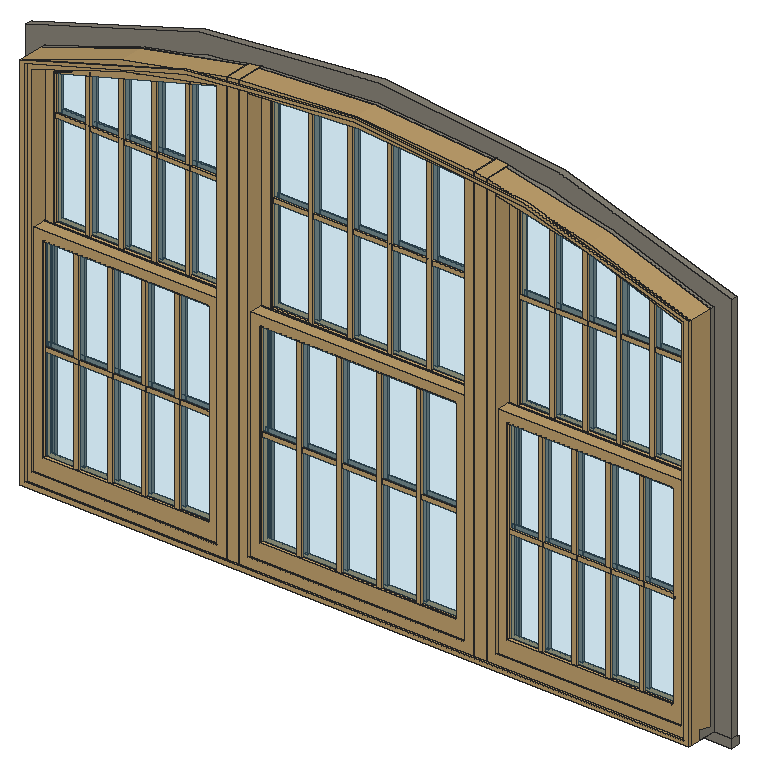
Revit family (continued)
Dimensions and locks (in)
  aligned and locked: plane 12 to Extrusion 36 sketch curve
  aligned and locked: Extrusion 20 sketch curve to cut or joined group of Sweep 14, Sweep 33  (x4)
  aligned and locked: Extrusion 20 sketch curve to cut or joined group of Sweep 15, Sweep 34  (x4)
  aligned and locked: Extrusion 20 sketch curve to cut or joined group of Sweep 16, Sweep 35  (x4)
  aligned and locked: nested 11 to plane 7 "Top"
  aligned and locked: nested 11 to plane 8 "Inset"
  aligned and locked: curve 14 to nested 11
  aligned and locked: curve 27 to nested 11
  aligned and locked: nested 11 to curve 126
  aligned and locked: curve 18 to nested 11
  aligned and locked: curve 26 to nested 11
  aligned and locked: curve 127 to nested 11
  aligned and locked: curve 19 to Extrusion 7
  aligned and locked: curve 140 to nested 11
  aligned and locked: curve 141 to nested 11
  aligned and locked: curve 142 to nested 11
  aligned and locked: curve 143 to nested 11
  aligned and locked: curve 144 to nested 11
  aligned and locked: curve 145 to nested 11
  aligned and locked: cut or joined group of Sweep 16, Sweep 35 to curve 146
  aligned and locked: curve 147 to nested 11
  aligned and locked: curve 148 to nested 11
  aligned and locked: curve 149 to nested 11
  aligned and locked: curve 150 to nested 11
  aligned and locked: curve 16 to nested 11
  aligned and locked: curve 10 to cut or joined group of Sweep 21, Sweep 27
  aligned and locked: curve 24 to nested 1
  aligned and locked: curve 93 to cut or joined group of Sweep 21, Sweep 27
  aligned and locked: curve 91 to nested 1
  aligned and locked: curve 96 to nested 1
  aligned and locked: curve 113 to cut or joined group of Sweep 23, Sweep 28
  aligned and locked: curve 116 to nested 10
  aligned and locked: curve 114 to nested 10
  aligned and locked: curve 117 to cut or joined group of Sweep 23, Sweep 28
  aligned and locked: curve 99 to cut or joined group of Sweep 22, Sweep 29
  aligned and locked: curve 97 to nested 3
  aligned and locked: curve 102 to nested 3
  aligned and locked: curve 4 to cut or joined group of Sweep 22, Sweep 29
  aligned and locked: Extrusion 37 sketch curve to Extrusion 20  (x12)
  aligned and locked: Extrusion 38 sketch curve to cut or joined group of Sweep 17, Sweep 26, Sweep 32  (x4)
  aligned and locked: Extrusion 38 sketch curve to cut or joined group of Sweep 18, Sweep 24, Sweep 30  (x4)
  aligned and locked: Extrusion 38 sketch curve to cut or joined group of Sweep 19, Sweep 25, Sweep 31  (x4)
  aligned and locked: Extrusion 39 sketch curve to Extrusion 38  (x12)
  aligned and locked: plane 27 "Glazing 4" to nested 12
  aligned and locked: nested 12 to plane 29
  aligned and locked: plane 17 to nested 12
  aligned and locked: plane 26 "Glazing 3" to nested 13
  aligned and locked: plane 29 to nested 13
  aligned and locked: nested 13 to plane 17
  aligned and locked: nested 14 to plane 29
  aligned and locked: nested 14 to plane 16
  aligned and locked: nested 14 to plane 26 "Glazing 3"
  aligned and locked: plane 29 to nested 15
  aligned and locked: plane 16 to nested 15
  aligned and locked: nested 15 to plane 27 "Glazing 4"
  aligned and locked: plane 3 "Center (Left/Right)" to nested 16
  aligned and locked: nested 16 to plane 29
  aligned and locked: plane 26 "Glazing 3" to nested 17
  aligned and locked: nested 17 to plane 3 "Center (Left/Right)"
  aligned and locked: plane 29 to nested 17
  aligned and locked: curve 13 to nested 11
  aligned and locked: curve 121 to curve 111
  aligned and locked: plane 30 to curve 89
  aligned and locked: plane 30 to curve 88
  aligned and locked: plane 27 "Glazing 4" to nested 16
Automatic sketch dimensions
  plane 7 "Top" to curve 15 = 0' - 0"
  curve 15 to plane 10 "Jamb Ext Face" = 0' - 0"
  curve 86 to plane 8 "Inset" = 0' - 0"
  plane 6 "Sill" to curve 19 = 0' - 0"
  plane 6 "Sill" to curve 20 = 0' - 0"
  curve 142 to curve 151 = 0' - 0"
  plane 13 to curve 70 = 0' - 0.11919"
  curve 75 to plane 13 = 0' - 0.15144"
  plane 8 "Inset" to curve 59 = 0' - 0"
  plane 8 "Inset" to curve 64 = 0' - 0"
  plane 8 "Inset" to curve 55 = 0' - 0"
  plane 8 "Inset" to curve 65 = 0' - 0"
  plane 10 "Jamb Ext Face" to curve 99 = 0' - 0"
  plane 10 "Jamb Ext Face" to curve 3 = 0' - 0"
  plane 10 "Jamb Ext Face" to curve 9 = 0' - 0"
  curve 45 to plane 4 "Left" = 0' - 0"
  curve 5 to plane 5 "Right" = 0' - 0"
  curve 8 to curve 35 = 0' - 1 49/64"
  curve 95 to curve 96 = 0' - 1 49/64"
  curve 121 to plane 19 = 0' - 0 19/32"
  curve 107 to curve 121 = 0' - 0 19/32"
  curve 116 to curve 123 = 0' - 1 49/64"
  curve 119 to curve 120 = 0' - 1 49/64"
  curve 111 to plane 21 = 0' - 0 19/32"
  curve 110 to curve 111 = 0' - 0 19/32"
  curve 97 to curve 97 = 0' - 1 49/64"
  curve 22 to curve 6 = 0' - 1 49/64"
  plane 14 to curve 44 = 0' - 0.11919"
  curve 60 to plane 14 = 0' - 0.21589"
  curve 40 to curve 61 = 0' - 0.59661"
  Sweep 5 sketch curve to profile plane = 0' - 0.15265"
  Sweep 5 sketch curve to profile plane = 0' - 0 3/16"
  Sweep 5 sketch curve to Sweep 5 sketch curve = 0' - 0.24974"
  Extrusion 6 sketch curve to Extrusion 6 sketch curve = 0' - 0"  (x2)
  plane 11 to Extrusion 6 sketch curve = 0' - 0.56939"
  plane 15 to curve 89 = 0' - 1.51639"
  plane 4 "Left" to curve 88 = 0' - 0.19672"
  curve 88 to plane 5 "Right" = 0' - 0.19672"
  curve 89 to plane 14 = 0' - 1.51639"
  Extrusion 36 sketch curve to plane 12 = 0' - 0"  (x5)
  Extrusion 36 sketch curve to Extrusion 36 sketch curve = 0' - 0 7/128"  (x6)
  Extrusion 36 sketch curve to plane 6 "Sill" = 0' - 0 3/4"  (x5)
Nested families (in)
  nested 1: "Roundtop_Plan_Detail" at (-40.5, 2, 24) x (-1, 0, 0) z (0, 0, -1), type "Roundtop_Plan_Detail", detail levels fine
    with Width 2' - 9"
  nested 2: "Label Annotation 1-16 w4" at (-3, 15.00106, 0), visible <- "Label Visibility", type "Label Annotation 1-16 w4"
    with Nominal Width 9' - 0", Nominal Height 6' - 0"
  nested 3: "Roundtop_Plan_Detail" at (34.5, 2, 24) x (1, 0, 0) z (0, 0, -1), type "Roundtop_Plan_Detail", detail levels fine
    with Width 2' - 9"
  nested 4: "Muntins Side" at (34.5, 0.40625, 25.76562), visible <- "Muntins Interior Top Sash", Muntin Material <- "Muntins Interior Material", type "Muntins"
    with Muntin Material Wood-Marvin-Pine, GlazingHeight 2' - 6 63/64", LitesVertical 2, Height 2' - 7 27/64", Inset Horiz 0' - 10.09896", CenterMuntinHorizontal yes
  nested 5: "Muntins Side" at (34.5, 1.4375, 25.76562), visible <- "Muntins Exterior Top Sash", Muntin Material <- "Muntins Exterior Material", type "Muntins"
    with Muntin Material Aluminum-Marvin-Bronze, GlazingHeight 2' - 6 63/64", LitesVertical 2, Height 2' - 7 27/64", Inset Horiz 0' - 10.09896", CenterMuntinHorizontal yes
  nested 6: "Muntins Side" at (-40.5, 1.4375, 25.76562) x (-1, 0, 0) z (0, 0, 1), visible <- "Muntins Exterior Top Sash", Muntin Material <- "Muntins Exterior Material", type "Muntins"
    with Muntin Material Aluminum-Marvin-Bronze, GlazingHeight 2' - 6 63/64", LitesVertical 2, Height 2' - 7 27/64", Inset Horiz 0' - 10.09896", CenterMuntinHorizontal yes
  nested 7: "Muntins Side" at (-40.5, 0.40625, 25.76562) x (-1, 0, 0) z (0, 0, 1), visible <- "Muntins Interior Top Sash", Muntin Material <- "Muntins Interior Material", type "Muntins"
    with Muntin Material Wood-Marvin-Pine, GlazingHeight 2' - 6 63/64", LitesVertical 2, Height 2' - 7 27/64", Inset Horiz 0' - 10.09896", CenterMuntinHorizontal yes
  nested 8: "Muntins Center" at (-3, 0.40625, 25.76562), visible <- "Muntins Interior Top Sash", Muntin Material <- "Muntins Interior Material", type "Muntins"
    with Muntin Material Wood-Marvin-Pine, Radius Offset 11' - 9 3/32", RO Radius 12' - 0 1/2", GlazingWidth 2' - 7 15/32", GlazingHeight 2' - 6 63/64", Width 2' - 7 29/32", LitesVertical 2, HorizontalMuntins 2, HorizMuntVisible no, Height 2' - 7 27/64", Inset Vert 0' - 6.00625", Inset Horiz 0' - 10.09896", CenterMuntinHorizontal yes, Arc Height 0' - 1.32179"
  nested 9: "Muntins Center" at (-3, 1.4375, 25.76562), visible <- "Muntins Exterior Top Sash", Muntin Material <- "Muntins Exterior Material", type "Muntins"
    with Muntin Material Aluminum-Marvin-Bronze, Radius Offset 11' - 9 3/32", RO Radius 12' - 0 1/2", GlazingWidth 2' - 7 15/32", GlazingHeight 2' - 6 63/64", Width 2' - 7 29/32", LitesVertical 2, HorizontalMuntins 2, HorizMuntVisible no, Height 2' - 7 27/64", Inset Vert 0' - 6.00625", Inset Horiz 0' - 10.09896", CenterMuntinHorizontal yes, Arc Height 0' - 1.32179"
  nested 10: "Roundtop_Plan_Detail" at (-3, 2, 24) x (-1, 0, 0) z (0, 0, -1), type "Roundtop_Plan_Detail 2", detail levels fine
    with Width 3' - 2"
  nested 11: "Roundtop_Section_Detail" at (-3, 2, 64.25) x (0, 1, 0) z (1, 0, 0), type "Roundtop_Section_Detail", detail levels fine
    with Height 6' - 0", DLO Height Top Sash 2' - 6 63/64"
  nested 12: "Muntins" at (-40.5, -1.78125, -7.15625), Muntin Material <- "Muntins Interior Material", visible <- "Muntins Interior Bottom Sash", type "Muntins Side"
    with Muntin Material Wood-Marvin-Pine, GlazingHeight 2' - 6 63/64", Height 2' - 7 27/64", Inset Horiz 0' - 10.09896"
  nested 13: "Muntins" at (-40.5, -0.8125, -7.15625), Muntin Material <- "Muntins Exterior Material", visible <- "Muntins Exterior Bottom Sash", type "Muntins Side"
    with Muntin Material Aluminum-Marvin-Bronze, GlazingHeight 2' - 6 63/64", Height 2' - 7 27/64", Inset Horiz 0' - 10.09896"
  nested 14: "Muntins" at (34.5, -0.8125, -7.15625) x (-1, 0, 0) z (0, 0, 1), Muntin Material <- "Muntins Exterior Material", visible <- "Muntins Exterior Bottom Sash", type "Muntins Side"
    with Muntin Material Aluminum-Marvin-Bronze, GlazingHeight 2' - 6 63/64", Height 2' - 7 27/64", Inset Horiz 0' - 10.09896"
  nested 15: "Muntins" at (34.5, -1.78125, -7.15625) x (-1, 0, 0) z (0, 0, 1), Muntin Material <- "Muntins Interior Material", visible <- "Muntins Interior Bottom Sash", type "Muntins Side"
    with Muntin Material Wood-Marvin-Pine, GlazingHeight 2' - 6 63/64", Height 2' - 7 27/64", Inset Horiz 0' - 10.09896"
  nested 16: "Muntins" at (-3, -1.78125, -7.15625), Muntin Material <- "Muntins Interior Material", visible <- "Muntins Interior Bottom Sash", type "Muntins Center"
    with Muntin Material Wood-Marvin-Pine, GlazingHeight 2' - 6 63/64", Height 2' - 7 27/64", Inset Horiz 0' - 10.09896"
  nested 17: "Muntins" at (-3, -0.8125, -7.15625), Muntin Material <- "Muntins Exterior Material", visible <- "Muntins Exterior Bottom Sash", type "Muntins Center"
    with Muntin Material Aluminum-Marvin-Bronze, GlazingHeight 2' - 6 63/64", Height 2' - 7 27/64", Inset Horiz 0' - 10.09896"
Definition of nested family "Muntins Side"
  Parameters (values of type "Muntins")
    Radius Offset = RO Radius - 0' 3 3/16"  # 11' - 9 5/16"
    RO Radius = 12' - 0 1/2"
    Mull Space = 3' - 6"
    GlazingWidth = 2' - 2 15/32"
    GlazingHeight = 2' - 7"
    Width = GlazingWidth + 0' 0 7/16"  # 2' - 2 29/32"
    VerticalMuntins = if(LitesHorizontal < 3, 2, LitesHorizontal - 1)  # 4
    VertMuntVisible = LitesHorizontal > 2  # yes
    MuntinWidth = 0' - 0 3/4"
    MuntinDepth = 0' - 0 1/4"
    Muntin Material [instance] = none
    LitesVertical = 1
    LitesHorizontal = 5
    HorizontalMuntins = if(LitesVertical < 3, 2, LitesVertical - 1)  # 2
    HorizMuntVisible = LitesVertical > 2  # no
    Height = GlazingHeight + 0' 0 7/16"  # 2' - 7 7/16"
    Inset Vert = if(LitesHorizontal < 3, (Width / 3) - (MuntinWidth / 2), (Width / LitesHorizontal) - (MuntinWidth / 2))  # 0' - 5.00625"
    Inset Horiz = if(LitesVertical < 3, (Height / 3) - (MuntinWidth / 2), (Height / LitesVertical) - (MuntinWidth / 2))  # 0' - 10.10417"
    CenterMuntinVertical = LitesHorizontal = 2  # no
    CenterMuntinHorizontal = LitesVertical = 2  # no
    Assembly Code = ""
    Arc Height = 0' - 10.67175"
  Reference planes (in)
    plane 1 "Center (Front/Back)": y = 0
    plane 2: z = 0
    plane 3 "Center (Left/Right)": x = 0
    plane 4: z = 35.78125
    plane 5: z = 51.5
    plane 6: z = 67.21875
    plane 7: z = 57.11458
    plane 8: z = 45.88542
    plane 9: z = 67
    plane 10: z = 36
    plane 11: x = -13.23437
    plane 12: x = 13.23438
    plane 13: x = -8.44687
    plane 14: x = -13.45312
    plane 15: x = 13.45313
    plane 16: x = 8.44688
    plane 17: z = 33.09375
    plane 18: z = 70.40625
    plane 19: z = 59.7345
    plane 20: x = -16.64062
    plane 21: x = 16.64062
    plane 22: x = -16.14062
    plane 23: x = -37.14062
    plane 24: x = -58.14062
  Forms (in)
    Extrusion 1, solid, material <- "Muntin Material", visible <- "CenterMuntinVertical", detail levels medium+fine
      sketch origin (9, 0, 0) x (1, 0, 0) y (0, 0, 1)
        loop
          line (-9.375, 67.21875) -> (-9.375, 35.78125) -> (-8.625, 35.78125) -> (-8.625, 67.21875) -> (-9.375, 67.21875)
      from 0 to 0.25 <- "MuntinDepth"
    Extrusion 2, solid, material <- "Muntin Material", visible <- "CenterMuntinHorizontal", detail levels medium+fine
      sketch origin (-0.0013, 0, 14.6875) x (1, 0, 0) y (0, 0, 1)
        loop
          line (-13.45182, 37.1875) -> (-13.45182, 36.4375) -> (13.45443, 36.4375) -> (13.45443, 37.1875) -> (-13.45182, 37.1875)
      from 0 to 0.25 <- "MuntinDepth"
    Extrusion 3, solid, material <- "Muntin Material", visible <- "VertMuntVisible", detail levels medium+fine
      sketch origin (1.94301, 0, -2.90625) x (1, 0, 0) y (0, 0, 1)
        loop
          line (-10.38988, 70.125) -> (-10.38988, 38.6875) -> (-9.63988, 38.6875) -> (-9.63988, 70.125) -> (-10.38988, 70.125)
      from 0 to 0.25 <- "MuntinDepth"
    Extrusion 4, solid, material <- "Muntin Material", visible <- "HorizMuntVisible", detail levels medium+fine
      sketch origin (-1.86198, 0, -0.0119) x (1, 0, 0) y (0, 0, 1)
        loop
          line (-11.59115, 46.64732) -> (-11.59115, 45.89732) -> (15.3151, 45.89732) -> (15.3151, 46.64732) -> (-11.59115, 46.64732)
      from 0 to 0.25 <- "MuntinDepth"
    Extrusion 5, void
      sketch origin (0, 0, 0) x (1, 0, 0) y (0, 0, 1)
        loop
          line (13.32813, 33.09375) -> (16.64062, 33.09375) -> (16.64062, 70.40625) -> (-16.64062, 70.40625) -> (-16.64062, 65.72389)
          arc (-16.64062, 65.72389) -> (-1.44122, 62.63509) -> (13.32813, 57.89916) r 141.3125
          line (13.32813, 57.89916) -> (13.32813, 33.09375)
      from -1 to 1
    Extrusion 6, solid, material <- "Muntin Material", visible <- "CenterMuntinVertical", detail levels coarse
      sketch origin (9, 0, 0) x (1, 0, 0) y (0, 0, 1)
        loop
          line (-9.03125, 67.21875) -> (-9.03125, 35.78125) -> (-8.96875, 35.78125) -> (-8.96875, 67.21875) -> (-9.03125, 67.21875)
      from 0 to 0.0625
    Extrusion 7, solid, material <- "Muntin Material", visible <- "VertMuntVisible", detail levels coarse
      sketch origin (1.92738, 0, 0) x (1, 0, 0) y (0, 0, 1)
        loop
          line (-10.01488, 67.21875) -> (-10.01488, 35.78125) -> (-9.98363, 35.78125) -> (-9.98363, 67.21875) -> (-10.01488, 67.21875)
      from 0 to 0.0625
    Extrusion 8, solid, material <- "Muntin Material", visible <- "CenterMuntinHorizontal", detail levels coarse
      sketch origin (-0.0013, 0, 14.6875) x (1, 0, 0) y (0, 0, 1)
        loop
          line (-13.45182, 36.84375) -> (-13.45182, 36.78125) -> (13.45443, 36.78125) -> (13.45443, 36.84375) -> (-13.45182, 36.84375)
      from 0 to 0.0625
    Extrusion 9, solid, material <- "Muntin Material", visible <- "HorizMuntVisible", detail levels coarse
      sketch origin (-7.86068, 0, -2.65253) x (1, 0, 0) y (0, 0, 1)
        loop
          line (-5.59245, 48.95982) -> (-5.59245, 48.89732) -> (21.3138, 48.89732) -> (21.3138, 48.95982) -> (-5.59245, 48.95982)
      from 0 to 0.0625
    Extrusion 10, solid, material <- "Muntin Material", visible <- "VertMuntVisible", detail levels medium+fine
      sketch origin (18.08676, 0, -2.90625) x (1, 0, 0) y (0, 0, 1)
        loop
          line (-10.38988, 70.125) -> (-10.38988, 38.6875) -> (-9.63988, 38.6875) -> (-9.63988, 70.125) -> (-10.38988, 70.125)
      from 0 to 0.25 <- "MuntinDepth"
    Extrusion 11, solid, material <- "Muntin Material", visible <- "VertMuntVisible", detail levels coarse
      sketch origin (18.07113, 0, 0) x (1, 0, 0) y (0, 0, 1)
        loop
          line (-10.01488, 67.21875) -> (-10.01488, 35.78125) -> (-9.98363, 35.78125) -> (-9.98363, 67.21875) -> (-10.01488, 67.21875)
      from 0 to 0.0625
    Extrusion 12, solid, material <- "Muntin Material", visible <- "VertMuntVisible", detail levels medium+fine
      sketch origin (7.32426, 0, -2.90625) x (1, 0, 0) y (0, 0, 1)
        loop
          line (-10.38988, 70.125) -> (-10.38988, 38.6875) -> (-9.63988, 38.6875) -> (-9.63988, 70.125) -> (-10.38988, 70.125)
      from 0 to 0.25 <- "MuntinDepth"
    Extrusion 13, solid, material <- "Muntin Material", visible <- "VertMuntVisible", detail levels coarse
      sketch origin (7.30863, 0, 0) x (1, 0, 0) y (0, 0, 1)
        loop
          line (-10.01488, 67.21875) -> (-10.01488, 35.78125) -> (-9.98363, 35.78125) -> (-9.98363, 67.21875) -> (-10.01488, 67.21875)
      from 0 to 0.0625
    Extrusion 14, solid, material <- "Muntin Material", visible <- "HorizMuntVisible", detail levels medium+fine
      sketch origin (-1.86198, 0, 10.46726) x (1, 0, 0) y (0, 0, 1)
        loop
          line (-11.59115, 46.64732) -> (-11.59115, 45.89732) -> (15.3151, 45.89732) -> (15.3151, 46.64732) -> (-11.59115, 46.64732)
      from 0 to 0.25 <- "MuntinDepth"
    Extrusion 15, solid, material <- "Muntin Material", visible <- "HorizMuntVisible", detail levels coarse
      sketch origin (-7.86068, 0, 7.82664) x (1, 0, 0) y (0, 0, 1)
        loop
          line (-5.59245, 48.95982) -> (-5.59245, 48.89732) -> (21.3138, 48.89732) -> (21.3138, 48.95982) -> (-5.59245, 48.95982)
      from 0 to 0.0625
    Extrusion 16, solid, material <- "Muntin Material", visible <- "VertMuntVisible", detail levels medium+fine
      sketch origin (12.70551, 0, -2.90625) x (1, 0, 0) y (0, 0, 1)
        loop
          line (-10.38988, 70.125) -> (-10.38988, 38.6875) -> (-9.63988, 38.6875) -> (-9.63988, 70.125) -> (-10.38988, 70.125)
      from 0 to 0.25 <- "MuntinDepth"
    Extrusion 17, solid, material <- "Muntin Material", visible <- "VertMuntVisible", detail levels coarse
      sketch origin (12.68988, 0, 0) x (1, 0, 0) y (0, 0, 1)
        loop
          line (-10.01488, 67.21875) -> (-10.01488, 35.78125) -> (-9.98363, 35.78125) -> (-9.98363, 67.21875) -> (-10.01488, 67.21875)
      from 0 to 0.0625
  Cuts and joins
    Extrusion 5 cuts Extrusion 3
    Extrusion 5 cuts Extrusion 7
    Extrusion 5 cuts Extrusion 10
    Extrusion 5 cuts Extrusion 11
    Extrusion 5 cuts Extrusion 12
    Extrusion 5 cuts Extrusion 13
    Extrusion 5 cuts Extrusion 1
    Extrusion 5 cuts Extrusion 6
    Extrusion 5 cuts Extrusion 16
    Extrusion 5 cuts Extrusion 17
    Extrusion 5 cuts Extrusion 14
    Extrusion 5 cuts Extrusion 15
    Extrusion 5 cuts Extrusion 2
    Extrusion 5 cuts Extrusion 8
    Extrusion 5 cuts Extrusion 4
    Extrusion 5 cuts Extrusion 9
  Lines and regions (in)
    reference lines
      curve 1: arc (16.64062, 0, 60.02496) -> (-9.75361, 0, 67.78719) -> (-37.14062, 0, 70.40625) r 144.5
      curve 2: arc (14.59623, 0, 57.40728) -> (-10.81114, 0, 64.74422) -> (-37.14062, 0, 67.21875) r 141.3125
  Dimensions and locks (in)
    "Inset Horiz": plane 6 to plane 7
    "Inset Horiz": plane 8 to plane 4
    equal spacing: plane 6, plane 5, plane 4
    "Height": plane 6 to plane 4
    "GlazingHeight": plane 9 to plane 10
    equal spacing: plane 9, plane 5, plane 10
    "GlazingWidth": plane 12 to plane 11
    equal spacing: plane 12, plane 3 "Center (Left/Right)", plane 11
    "MuntinWidth": Extrusion 1 sketch curve to Extrusion 1 sketch curve
    "Height": Extrusion 1 sketch curve to Extrusion 1 sketch curve
    "MuntinWidth": Extrusion 2 sketch curve to Extrusion 2 sketch curve
    "Width": Extrusion 2 sketch curve to Extrusion 2 sketch curve
    "MuntinWidth": Extrusion 3 sketch curve to Extrusion 3 sketch curve
    "Height": Extrusion 3 sketch curve to Extrusion 3 sketch curve
    "Width": plane 15 to plane 14
    equal spacing: plane 15, plane 3 "Center (Left/Right)", plane 14
    "Inset Vert": plane 13 to plane 14
    "Inset Vert": plane 15 to plane 16
    "MuntinWidth": Extrusion 4 sketch curve to Extrusion 4 sketch curve
    "Width": Extrusion 4 sketch curve to Extrusion 4 sketch curve
    locked: plane 10 to plane 17 at 2.90625
    Extrusion 6 sketch curve to plane 3 "Center (Left/Right)" to Extrusion 6 sketch curve = 0' - 0 1/32" locked, 0' - 0 1/32" locked
    "Height": Extrusion 6 sketch curve to Extrusion 6 sketch curve
    locked: Extrusion 7 sketch curve to Extrusion 7 sketch curve at 0.03125
    "Height": Extrusion 7 sketch curve to Extrusion 7 sketch curve
    locked: Extrusion 3 to Extrusion 7 at 0.35938
    equal spacing: Extrusion 8 sketch curve, plane 5, Extrusion 8 sketch curve
    "Width": Extrusion 8 sketch curve to Extrusion 8 sketch curve
    Extrusion 9 sketch curve to Extrusion 9 sketch curve = 0' - 0 1/16"
    "Width": Extrusion 9 sketch curve to Extrusion 9 sketch curve
    locked: Extrusion 9 to Extrusion 4 at 0.35937
    "MuntinWidth": Extrusion 10 sketch curve to Extrusion 10 sketch curve
    "Height": Extrusion 10 sketch curve to Extrusion 10 sketch curve
    locked: Extrusion 11 sketch curve to Extrusion 11 sketch curve at 0.03125
    "Height": Extrusion 11 sketch curve to Extrusion 11 sketch curve
    locked: Extrusion 10 to Extrusion 11 at 0.35938
    equal spacing: group 2, group 4, group 7, group 3  (x3)
    "MuntinWidth": Extrusion 12 sketch curve to Extrusion 12 sketch curve
    "Height": Extrusion 12 sketch curve to Extrusion 12 sketch curve
    locked: Extrusion 13 sketch curve to Extrusion 13 sketch curve at 0.03125
    "Height": Extrusion 13 sketch curve to Extrusion 13 sketch curve
    locked: Extrusion 12 to Extrusion 13 at 0.35938
    "MuntinWidth": Extrusion 14 sketch curve to Extrusion 14 sketch curve
    "Width": Extrusion 14 sketch curve to Extrusion 14 sketch curve
    Extrusion 15 sketch curve to Extrusion 15 sketch curve = 0' - 0 1/16"
    "Width": Extrusion 15 sketch curve to Extrusion 15 sketch curve
    locked: Extrusion 15 to Extrusion 14 at 0.35937
    group 5 to group 6 = 0' - 0"  (x2)
    group 5 to group 6 = 0' - 10.47917"
    "MuntinWidth": Extrusion 16 sketch curve to Extrusion 16 sketch curve
    "Height": Extrusion 16 sketch curve to Extrusion 16 sketch curve
    locked: Extrusion 17 sketch curve to Extrusion 17 sketch curve at 0.03125
    "Height": Extrusion 17 sketch curve to Extrusion 17 sketch curve
    locked: Extrusion 16 to Extrusion 17 at 0.35938
    locked: plane 18 to plane 9 at 3.40625
    "Arc Height": plane 18 to plane 19
    locked: plane 11 to plane 20 at 3.40625
    locked: plane 12 to plane 21 at 3.40625
    locked: plane 22 to plane 20 at 0.5
    "Mull Space": plane 22 to plane 24
    equal spacing: plane 22, plane 23, plane 24
    locked: Extrusion 5 sketch curve to plane 15 at 0.125
    "RO Radius": radius of curve 1
    "Radius Offset": radius of curve 2
    aligned and locked: plane 6 to Extrusion 1  (x2)
    aligned and locked: Extrusion 1 to plane 4  (x3)
    aligned and locked: Extrusion 3 to plane 13  (x6)
    aligned and locked: Extrusion 3 to plane 4  (x4)
    aligned and locked: Extrusion 2 to plane 14
    aligned and locked: plane 15 to Extrusion 2
    aligned and locked: plane 6 to Extrusion 3  (x2)
    aligned and locked: Extrusion 4 to plane 14  (x2)
    aligned and locked: Extrusion 4 to plane 8  (x2)
    aligned and locked: plane 15 to Extrusion 4  (x2)
    aligned and locked: plane 6 to Extrusion 7
    aligned and locked: plane 6 to Extrusion 10
    aligned and locked: plane 6 to Extrusion 11
    aligned and locked: Extrusion 10 to plane 16
    aligned and locked: Extrusion 10 to plane 4
    aligned and locked: Extrusion 11 to plane 4
    aligned and locked: Extrusion 7 to plane 4
    aligned and locked: Extrusion 9 to plane 14
    aligned and locked: plane 15 to Extrusion 9
    aligned and locked: Extrusion 14 to plane 14
    aligned and locked: Extrusion 15 to plane 14
    aligned and locked: plane 7 to Extrusion 14
    aligned and locked: plane 15 to Extrusion 14
    aligned and locked: plane 15 to Extrusion 15
    aligned and locked: Extrusion 5 sketch curve to plane 20
    aligned and locked: plane 18 to Extrusion 5 sketch curve
    aligned and locked: plane 21 to Extrusion 5 sketch curve
    aligned and locked: plane 23 to curve 1
    aligned and locked: plane 18 to curve 1
    aligned and locked: plane 21 to curve 1
    aligned and locked: curve 1 to plane 23
    aligned and locked: curve 2 to plane 23
    aligned and locked: Extrusion 5 sketch curve to curve 2
    aligned and locked: Extrusion 5 sketch curve to plane 17
  Automatic sketch dimensions
    Extrusion 9 sketch curve to Extrusion 9 sketch curve = 0' - 0 1/16"
    Extrusion 15 sketch curve to Extrusion 15 sketch curve = 0' - 0 1/16"
    Extrusion 1 sketch curve to plane 4 = 0' - 0"
    Extrusion 1 sketch curve to plane 3 "Center (Left/Right)" = 0' - 0 3/8"
    Extrusion 2 sketch curve to plane 14 = 0' - 0"
    Extrusion 2 sketch curve to plane 5 = 0' - 0 3/8"
    Extrusion 6 sketch curve to plane 4 = 0' - 0"
    Extrusion 8 sketch curve to plane 14 = 0' - 0"
    Extrusion 8 sketch curve to plane 5 = 0' - 0 1/32"
    curve 1 to curve 2 = 0' - 0"
    plane 15 to curve 2 = 0' - 1.1431"
Definition of nested family "Muntins Center"
  Parameters (values of type "Muntins")
    Radius Offset = RO Radius - 0' 3 13/32"  # 3' - 1 3/32"
    RO Radius = 3' - 4 1/2"
    GlazingWidth = 2' - 10 3/16"
    GlazingHeight = 5' - 5 5/16"
    Width = GlazingWidth + 0' 0 7/16"  # 2' - 10 5/8"
    VerticalMuntins = if(LitesHorizontal < 3, 2, LitesHorizontal - 1)  # 4
    VertMuntVisible = LitesHorizontal > 2  # yes
    MuntinWidth = 0' - 0 3/4"
    MuntinDepth = 0' - 0 1/4"
    Muntin Material [instance] = none
    LitesVertical = 5
    LitesHorizontal = 5
    HorizontalMuntins = if(LitesVertical < 3, 2, LitesVertical - 1)  # 4
    HorizMuntVisible = LitesVertical > 2  # yes
    Height = GlazingHeight + 0' 0 7/16"  # 5' - 5 3/4"
    Inset Vert = if(LitesHorizontal < 3, (Width / 3) - (MuntinWidth / 2), (Width / LitesHorizontal) - (MuntinWidth / 2))  # 0' - 6.55"
    Inset Horiz = if(LitesVertical < 3, (Height / 3) - (MuntinWidth / 2), (Height / LitesVertical) - (MuntinWidth / 2))  # 1' - 0.775"
    CenterMuntinVertical = LitesHorizontal = 2  # no
    CenterMuntinHorizontal = LitesVertical = 2  # no
    Assembly Code = ""
    Arc Height = 0' - 5.5715"
  Reference planes (in)
    plane 1 "Center (Front/Back)": y = 0
    plane 2: z = 0
    plane 3 "Center (Left/Right)": x = 0
    plane 4: z = 35.78125
    plane 5: z = 68.65625
    plane 6: z = 101.53125
    plane 7: z = 88.75625
    plane 8: z = 48.55625
    plane 9: z = 101.3125
    plane 10: z = 36
    plane 11: x = -17.09375
    plane 12: x = 17.09375
    plane 13: x = -10.7625
    plane 14: x = -17.3125
    plane 15: x = 17.3125
    plane 16: x = 10.7625
    plane 17: z = 33.09375
    plane 18: z = 104.9375
    plane 19: z = 99.366
    plane 20: x = -20.5
    plane 21: x = 20.5
  Forms (in)
    Extrusion 1, solid, material <- "Muntin Material", visible <- "CenterMuntinVertical", detail levels medium+fine
      sketch origin (9, 0, 0) x (1, 0, 0) y (0, 0, 1)
        loop
          line (-9.375, 101.53125) -> (-9.375, 35.78125) -> (-8.625, 35.78125) -> (-8.625, 101.53125) -> (-9.375, 101.53125)
      from 0 to 0.25 <- "MuntinDepth"
    Extrusion 2, solid, material <- "Muntin Material", visible <- "CenterMuntinHorizontal", detail levels medium+fine
      sketch origin (-0.0013, 0, 14.6875) x (1, 0, 0) y (0, 0, 1)
        loop
          line (-17.3112, 54.34375) -> (-17.3112, 53.59375) -> (17.3138, 53.59375) -> (17.3138, 54.34375) -> (-17.3112, 54.34375)
      from 0 to 0.25 <- "MuntinDepth"
    Extrusion 3, solid, material <- "Muntin Material", visible <- "VertMuntVisible", detail levels medium+fine
      sketch origin (-0.37262, 0, -2.90625) x (1, 0, 0) y (0, 0, 1)
        loop
          line (-10.38988, 104.4375) -> (-10.38988, 38.6875) -> (-9.63988, 38.6875) -> (-9.63988, 104.4375) -> (-10.38988, 104.4375)
      from 0 to 0.25 <- "MuntinDepth"
    Extrusion 4, solid, material <- "Muntin Material", visible <- "HorizMuntVisible", detail levels medium+fine
      sketch origin (1.9974, 0, 2.65893) x (1, 0, 0) y (0, 0, 1)
        loop
          line (-19.3099, 46.64732) -> (-19.3099, 45.89732) -> (15.3151, 45.89732) -> (15.3151, 46.64732) -> (-19.3099, 46.64732)
      from 0 to 0.25 <- "MuntinDepth"
    Extrusion 5, void
      sketch origin (0, 0, 0) x (1, 0, 0) y (0, 0, 1)
        loop
          arc (-17.3125, 97.24335) -> (0, 101.53125) -> (17.3125, 97.24335) r 37.09375
          line (17.3125, 97.24335) -> (20.5, 97.24335) -> (20.5, 104.9375) -> (-20.5, 104.9375) -> (-20.5, 97.24335) -> (-17.3125, 97.24335)
      from -1 to 1
    Extrusion 6, solid, material <- "Muntin Material", visible <- "CenterMuntinVertical", detail levels coarse
      sketch origin (9, 0, 0) x (1, 0, 0) y (0, 0, 1)
        loop
          line (-9.03125, 101.53125) -> (-9.03125, 35.78125) -> (-8.96875, 35.78125) -> (-8.96875, 101.53125) -> (-9.03125, 101.53125)
      from 0 to 0.0625
    Extrusion 7, solid, material <- "Muntin Material", visible <- "VertMuntVisible", detail levels coarse
      sketch origin (-0.38824, 0, 0) x (1, 0, 0) y (0, 0, 1)
        loop
          line (-10.01488, 101.53125) -> (-10.01488, 35.78125) -> (-9.98363, 35.78125) -> (-9.98363, 101.53125) -> (-10.01488, 101.53125)
      from 0 to 0.0625
    Extrusion 8, solid, material <- "Muntin Material", visible <- "CenterMuntinHorizontal", detail levels coarse
      sketch origin (-0.0013, 0, 14.6875) x (1, 0, 0) y (0, 0, 1)
        loop
          line (-17.3112, 54) -> (-17.3112, 53.9375) -> (17.3138, 53.9375) -> (17.3138, 54) -> (-17.3112, 54)
      from 0 to 0.0625
    Extrusion 9, solid, material <- "Muntin Material", visible <- "HorizMuntVisible", detail levels coarse
      sketch origin (-4.0013, 0, 0.0183) x (1, 0, 0) y (0, 0, 1)
        loop
          line (-13.3112, 48.95982) -> (-13.3112, 48.89732) -> (21.3138, 48.89732) -> (21.3138, 48.95982) -> (-13.3112, 48.95982)
      from 0 to 0.0625
    Extrusion 10, solid, material <- "Muntin Material", visible <- "VertMuntVisible", detail levels medium+fine
      sketch origin (20.40238, 0, -2.90625) x (1, 0, 0) y (0, 0, 1)
        loop
          line (-10.38988, 104.4375) -> (-10.38988, 38.6875) -> (-9.63988, 38.6875) -> (-9.63988, 104.4375) -> (-10.38988, 104.4375)
      from 0 to 0.25 <- "MuntinDepth"
    Extrusion 11, solid, material <- "Muntin Material", visible <- "VertMuntVisible", detail levels coarse
      sketch origin (20.38676, 0, 0) x (1, 0, 0) y (0, 0, 1)
        loop
          line (-10.01488, 101.53125) -> (-10.01488, 35.78125) -> (-9.98363, 35.78125) -> (-9.98363, 101.53125) -> (-10.01488, 101.53125)
      from 0 to 0.0625
    Extrusion 12, solid, material <- "Muntin Material", visible <- "VertMuntVisible", detail levels medium+fine
      sketch origin (6.55238, 0, -2.90625) x (1, 0, 0) y (0, 0, 1)
        loop
          line (-10.38988, 104.4375) -> (-10.38988, 38.6875) -> (-9.63988, 38.6875) -> (-9.63988, 104.4375) -> (-10.38988, 104.4375)
      from 0 to 0.25 <- "MuntinDepth"
    Extrusion 13, solid, material <- "Muntin Material", visible <- "VertMuntVisible", detail levels coarse
      sketch origin (6.53676, 0, 0) x (1, 0, 0) y (0, 0, 1)
        loop
          line (-10.01488, 101.53125) -> (-10.01488, 35.78125) -> (-9.98363, 35.78125) -> (-9.98363, 101.53125) -> (-10.01488, 101.53125)
      from 0 to 0.0625
    Extrusion 14, solid, material <- "Muntin Material", visible <- "HorizMuntVisible", detail levels medium+fine
      sketch origin (1.9974, 0, 42.10893) x (1, 0, 0) y (0, 0, 1)
        loop
          line (-19.3099, 46.64732) -> (-19.3099, 45.89732) -> (15.3151, 45.89732) -> (15.3151, 46.64732) -> (-19.3099, 46.64732)
      from 0 to 0.25 <- "MuntinDepth"
    Extrusion 15, solid, material <- "Muntin Material", visible <- "HorizMuntVisible", detail levels coarse
      sketch origin (-4.0013, 0, 39.4683) x (1, 0, 0) y (0, 0, 1)
        loop
          line (-13.3112, 48.95982) -> (-13.3112, 48.89732) -> (21.3138, 48.89732) -> (21.3138, 48.95982) -> (-13.3112, 48.95982)
      from 0 to 0.0625
    Extrusion 16, solid, material <- "Muntin Material", visible <- "HorizMuntVisible", detail levels medium+fine
      sketch origin (1.9974, 0, 15.80893) x (1, 0, 0) y (0, 0, 1)
        loop
          line (-19.3099, 46.64732) -> (-19.3099, 45.89732) -> (15.3151, 45.89732) -> (15.3151, 46.64732) -> (-19.3099, 46.64732)
      from 0 to 0.25 <- "MuntinDepth"
    Extrusion 17, solid, material <- "Muntin Material", visible <- "HorizMuntVisible", detail levels coarse
      sketch origin (-4.0013, 0, 13.1683) x (1, 0, 0) y (0, 0, 1)
        loop
          line (-13.3112, 48.95982) -> (-13.3112, 48.89732) -> (21.3138, 48.89732) -> (21.3138, 48.95982) -> (-13.3112, 48.95982)
      from 0 to 0.0625
    Extrusion 18, solid, material <- "Muntin Material", visible <- "HorizMuntVisible", detail levels medium+fine
      sketch origin (1.9974, 0, 28.95893) x (1, 0, 0) y (0, 0, 1)
        loop
          line (-19.3099, 46.64732) -> (-19.3099, 45.89732) -> (15.3151, 45.89732) -> (15.3151, 46.64732) -> (-19.3099, 46.64732)
      from 0 to 0.25 <- "MuntinDepth"
    Extrusion 19, solid, material <- "Muntin Material", visible <- "HorizMuntVisible", detail levels coarse
      sketch origin (-4.0013, 0, 26.3183) x (1, 0, 0) y (0, 0, 1)
        loop
          line (-13.3112, 48.95982) -> (-13.3112, 48.89732) -> (21.3138, 48.89732) -> (21.3138, 48.95982) -> (-13.3112, 48.95982)
      from 0 to 0.0625
    Extrusion 20, solid, material <- "Muntin Material", visible <- "VertMuntVisible", detail levels medium+fine
      sketch origin (13.47738, 0, -2.90625) x (1, 0, 0) y (0, 0, 1)
        loop
          line (-10.38988, 104.4375) -> (-10.38988, 38.6875) -> (-9.63988, 38.6875) -> (-9.63988, 104.4375) -> (-10.38988, 104.4375)
      from 0 to 0.25 <- "MuntinDepth"
    Extrusion 21, solid, material <- "Muntin Material", visible <- "VertMuntVisible", detail levels coarse
      sketch origin (13.46176, 0, 0) x (1, 0, 0) y (0, 0, 1)
        loop
          line (-10.01488, 101.53125) -> (-10.01488, 35.78125) -> (-9.98363, 35.78125) -> (-9.98363, 101.53125) -> (-10.01488, 101.53125)
      from 0 to 0.0625
  Cuts and joins
    Extrusion 5 cuts Extrusion 3
    Extrusion 5 cuts Extrusion 7
    Extrusion 5 cuts Extrusion 10
    Extrusion 5 cuts Extrusion 11
  Lines and regions (in)
    reference lines
      curve 1: arc (-20.5, 0, 99.366) -> (0, 0, 104.9375) -> (20.5, 0, 99.366) r 40.5
      curve 2: arc (18.43391, 0, 96.62658) -> (0, 0, 101.53125) -> (-18.43391, 0, 96.62658) r 37.09375
  Dimensions and locks (in)
    "Inset Horiz": plane 6 to plane 7
    "Inset Horiz": plane 8 to plane 4
    equal spacing: plane 6, plane 5, plane 4
    "Height": plane 6 to plane 4
    "GlazingHeight": plane 9 to plane 10
    equal spacing: plane 9, plane 5, plane 10
    "GlazingWidth": plane 12 to plane 11
    equal spacing: plane 12, plane 3 "Center (Left/Right)", plane 11
    "MuntinWidth": Extrusion 1 sketch curve to Extrusion 1 sketch curve
    "Height": Extrusion 1 sketch curve to Extrusion 1 sketch curve
    "MuntinWidth": Extrusion 2 sketch curve to Extrusion 2 sketch curve
    "Width": Extrusion 2 sketch curve to Extrusion 2 sketch curve
    "MuntinWidth": Extrusion 3 sketch curve to Extrusion 3 sketch curve
    "Height": Extrusion 3 sketch curve to Extrusion 3 sketch curve
    "Width": plane 15 to plane 14
    equal spacing: plane 15, plane 3 "Center (Left/Right)", plane 14
    "Inset Vert": plane 13 to plane 14
    "Inset Vert": plane 15 to plane 16
    "MuntinWidth": Extrusion 4 sketch curve to Extrusion 4 sketch curve
    "Width": Extrusion 4 sketch curve to Extrusion 4 sketch curve
    locked: plane 10 to plane 17 at 2.90625
    Extrusion 6 sketch curve to plane 3 "Center (Left/Right)" to Extrusion 6 sketch curve = 0' - 0 1/32" locked, 0' - 0 1/32" locked
    "Height": Extrusion 6 sketch curve to Extrusion 6 sketch curve
    locked: Extrusion 7 sketch curve to Extrusion 7 sketch curve at 0.03125
    "Height": Extrusion 7 sketch curve to Extrusion 7 sketch curve
    locked: Extrusion 3 to Extrusion 7 at 0.35938
    equal spacing: Extrusion 8 sketch curve, plane 5, Extrusion 8 sketch curve
    "Width": Extrusion 8 sketch curve to Extrusion 8 sketch curve
    Extrusion 9 sketch curve to Extrusion 9 sketch curve = 0' - 0 1/16"
    "Width": Extrusion 9 sketch curve to Extrusion 9 sketch curve
    locked: Extrusion 9 to Extrusion 4 at 0.35937
    "MuntinWidth": Extrusion 10 sketch curve to Extrusion 10 sketch curve
    "Height": Extrusion 10 sketch curve to Extrusion 10 sketch curve
    locked: Extrusion 11 sketch curve to Extrusion 11 sketch curve at 0.03125
    "Height": Extrusion 11 sketch curve to Extrusion 11 sketch curve
    locked: Extrusion 10 to Extrusion 11 at 0.35938
    equal spacing: group 2, group 4, group 9, group 3  (x3)
    "MuntinWidth": Extrusion 12 sketch curve to Extrusion 12 sketch curve
    "Height": Extrusion 12 sketch curve to Extrusion 12 sketch curve
    locked: Extrusion 13 sketch curve to Extrusion 13 sketch curve at 0.03125
    "Height": Extrusion 13 sketch curve to Extrusion 13 sketch curve
    locked: Extrusion 12 to Extrusion 13 at 0.35938
    "MuntinWidth": Extrusion 14 sketch curve to Extrusion 14 sketch curve
    "Width": Extrusion 14 sketch curve to Extrusion 14 sketch curve
    Extrusion 15 sketch curve to Extrusion 15 sketch curve = 0' - 0 1/16"
    "Width": Extrusion 15 sketch curve to Extrusion 15 sketch curve
    locked: Extrusion 15 to Extrusion 14 at 0.35937
    equal spacing: group 5, group 7, group 8, group 6  (x3)
    "MuntinWidth": Extrusion 16 sketch curve to Extrusion 16 sketch curve
    "Width": Extrusion 16 sketch curve to Extrusion 16 sketch curve
    Extrusion 17 sketch curve to Extrusion 17 sketch curve = 0' - 0 1/16"
    "Width": Extrusion 17 sketch curve to Extrusion 17 sketch curve
    locked: Extrusion 17 to Extrusion 16 at 0.35937
    "MuntinWidth": Extrusion 18 sketch curve to Extrusion 18 sketch curve
    "Width": Extrusion 18 sketch curve to Extrusion 18 sketch curve
    Extrusion 19 sketch curve to Extrusion 19 sketch curve = 0' - 0 1/16"
    "Width": Extrusion 19 sketch curve to Extrusion 19 sketch curve
    locked: Extrusion 19 to Extrusion 18 at 0.35937
    "MuntinWidth": Extrusion 20 sketch curve to Extrusion 20 sketch curve
    "Height": Extrusion 20 sketch curve to Extrusion 20 sketch curve
    locked: Extrusion 21 sketch curve to Extrusion 21 sketch curve at 0.03125
    "Height": Extrusion 21 sketch curve to Extrusion 21 sketch curve
    locked: Extrusion 20 to Extrusion 21 at 0.35938
    locked: plane 18 to plane 6 at 3.40625
    "Arc Height": plane 18 to plane 19
    locked: plane 11 to plane 20 at 3.40625
    locked: plane 12 to plane 21 at 3.40625
    "RO Radius": radius of curve 1
    "Radius Offset": radius of curve 2
    aligned and locked: plane 6 to Extrusion 1  (x2)
    aligned and locked: Extrusion 1 to plane 4  (x3)
    aligned and locked: Extrusion 3 to plane 13  (x6)
    aligned and locked: Extrusion 3 to plane 4  (x4)
    aligned and locked: Extrusion 2 to plane 14
    aligned and locked: plane 15 to Extrusion 2
    aligned and locked: plane 6 to Extrusion 3  (x2)
    aligned and locked: Extrusion 4 to plane 14  (x2)
    aligned and locked: Extrusion 4 to plane 8  (x2)
    aligned and locked: plane 15 to Extrusion 4  (x2)
    aligned and locked: plane 6 to Extrusion 7
    aligned and locked: plane 6 to Extrusion 10
    aligned and locked: plane 6 to Extrusion 11
    aligned and locked: Extrusion 10 to plane 16
    aligned and locked: Extrusion 10 to plane 4
    aligned and locked: Extrusion 11 to plane 4
    aligned and locked: Extrusion 7 to plane 4
    aligned and locked: Extrusion 9 to plane 14
    aligned and locked: plane 15 to Extrusion 9
    aligned and locked: Extrusion 14 to plane 14
    aligned and locked: Extrusion 15 to plane 14
    aligned and locked: plane 7 to Extrusion 14
    aligned and locked: plane 15 to Extrusion 14
    aligned and locked: plane 15 to Extrusion 15
    aligned and locked: plane 15 to Extrusion 5 sketch curve
    aligned and locked: plane 19 to curve 1  (x2)
    aligned and locked: plane 21 to curve 1
    aligned and locked: plane 20 to curve 1
    aligned and locked: Extrusion 5 sketch curve to curve 2
    aligned and locked: plane 14 to Extrusion 5 sketch curve
    aligned and locked: plane 20 to Extrusion 5 sketch curve
    aligned and locked: Extrusion 5 sketch curve to plane 21
    aligned and locked: Extrusion 5 sketch curve to plane 18
  Automatic sketch dimensions
    Extrusion 1 sketch curve to plane 4 = 0' - 0"
    Extrusion 1 sketch curve to plane 3 "Center (Left/Right)" = 0' - 0 3/8"
    Extrusion 2 sketch curve to plane 14 = 0' - 0"
    Extrusion 2 sketch curve to plane 5 = 0' - 0 3/8"
    Extrusion 6 sketch curve to plane 4 = 0' - 0"
    Extrusion 8 sketch curve to plane 14 = 0' - 0"
    Extrusion 8 sketch curve to plane 5 = 0' - 0 1/32"
    Extrusion 9 sketch curve to Extrusion 9 sketch curve = 0' - 0 1/16"
    Extrusion 15 sketch curve to Extrusion 15 sketch curve = 0' - 0 1/16"
    Extrusion 17 sketch curve to Extrusion 17 sketch curve = 0' - 0 1/16"
    Extrusion 19 sketch curve to Extrusion 19 sketch curve = 0' - 0 1/16"
    curve 1 to curve 2 = 0' - 0"  (x2)
    curve 2 to plane 14 = 0' - 1.12141"
    plane 15 to curve 2 = 0' - 1.12141"
Definition of nested family "Muntins"
  Parameters (values of type "Muntins Center")
    GlazingWidth = 2' - 7 15/32"
    GlazingHeight = 2' - 7"
    Width = GlazingWidth + 0' 0 11/16"  # 2' - 8 5/32"
    VerticalMuntins = if(LitesHorizontal < 3, 2, LitesHorizontal - 1)  # 4
    VertMuntVisible = LitesHorizontal > 2  # yes
    MuntinWidth = 0' - 0 3/4"
    MuntinDepth = 0' - 0 1/4"
    Muntin Material [instance] = none
    LitesVertical = 2
    LitesHorizontal = 5
    HorizontalMuntins = if(LitesVertical < 3, 2, LitesVertical - 1)  # 2
    HorizMuntVisible = LitesVertical > 2  # no
    Height = GlazingHeight + 0' 0 7/16"  # 2' - 7 7/16"
    Inset Vert = if(LitesHorizontal < 3, (Width / 3) - (MuntinWidth / 2), (Width / LitesHorizontal) - (MuntinWidth / 2))  # 0' - 6.05625"
    Inset Horiz = if(LitesVertical < 3, (Height / 3) - (MuntinWidth / 2), (Height / LitesVertical) - (MuntinWidth / 2))  # 0' - 10.10417"
    CenterMuntinVertical = LitesHorizontal = 2  # no
    CenterMuntinHorizontal = LitesVertical = 2  # yes
    Assembly Code = ""
  Types (2): name | GlazingWidth | Width | Inset Vert
    Muntins Side | 2' - 2 15/32" | 2' - 3 5/32" | 0' - 5.05625"
    Muntins Center | 2' - 7 15/32" | 2' - 8 5/32" | 0' - 6.05625"
  Reference planes (in)
    plane 1 "Center (Front/Back)": y = 0
    plane 2: z = 0
    plane 3 "Center (Left/Right)": x = 0
    plane 4: z = 35.78125
    plane 5: z = 51.5
    plane 6: z = 67.21875
    plane 7: z = 57.11458
    plane 8: z = 45.88542
    plane 9: z = 67
    plane 10: z = 36
    plane 11: x = -15.73437
    plane 12: x = 15.73438
    plane 13: x = -10.02187
    plane 14: x = -16.07812
    plane 15: x = 16.07813
    plane 16: x = 10.02188
  Forms (in)
    Extrusion 1, solid, material <- "Muntin Material", visible <- "CenterMuntinVertical", detail levels medium+fine
      sketch origin (9, 0, 0) x (1, 0, 0) y (0, 0, 1)
        loop
          line (-9.375, 67.21875) -> (-9.375, 35.78125) -> (-8.625, 35.78125) -> (-8.625, 67.21875) -> (-9.375, 67.21875)
      from 0 to 0.25 <- "MuntinDepth"
    Extrusion 2, solid, material <- "Muntin Material", visible <- "CenterMuntinHorizontal", detail levels medium+fine
      sketch origin (-0.0013, 0, 14.6875) x (1, 0, 0) y (0, 0, 1)
        loop
          line (-16.07682, 37.1875) -> (-16.07682, 36.4375) -> (16.07943, 36.4375) -> (16.07943, 37.1875) -> (-16.07682, 37.1875)
      from 0 to 0.25 <- "MuntinDepth"
    Extrusion 3, solid, material <- "Muntin Material", visible <- "VertMuntVisible", detail levels medium+fine
      sketch origin (-0.64688, 0, -2.90625) x (1, 0, 0) y (0, 0, 1)
        loop
          line (-9.375, 70.125) -> (-9.375, 38.6875) -> (-8.625, 38.6875) -> (-8.625, 70.125) -> (-9.375, 70.125)
      from 0 to 0.25 <- "MuntinDepth"
    Extrusion 4, solid, material <- "Muntin Material", visible <- "HorizMuntVisible", detail levels medium+fine
      sketch origin (0.76302, 0, 11.42708) x (1, 0, 0) y (0, 0, 1)
        loop
          line (-16.84115, 45.6875) -> (-16.84115, 44.9375) -> (15.3151, 44.9375) -> (15.3151, 45.6875) -> (-16.84115, 45.6875)
      from 0 to 0.25 <- "MuntinDepth"
    Extrusion 5, solid, material <- "Muntin Material", visible <- "HorizMuntVisible", detail levels medium+fine
      sketch origin (0.76302, 0, 0.94792) x (1, 0, 0) y (0, 0, 1)
        loop
          line (-16.84115, 45.6875) -> (-16.84115, 44.9375) -> (15.3151, 44.9375) -> (15.3151, 45.6875) -> (-16.84115, 45.6875)
      from 0 to 0.25 <- "MuntinDepth"
    Extrusion 6, solid, material <- "Muntin Material", visible <- "VertMuntVisible", detail levels medium+fine
      sketch origin (18.64687, 0, -2.90625) x (1, 0, 0) y (0, 0, 1)
        loop
          line (-9.375, 70.125) -> (-9.375, 38.6875) -> (-8.625, 38.6875) -> (-8.625, 70.125) -> (-9.375, 70.125)
      from 0 to 0.25 <- "MuntinDepth"
    Extrusion 7, solid, material <- "Muntin Material", visible <- "VertMuntVisible", detail levels medium+fine
      sketch origin (5.78437, 0, -2.90625) x (1, 0, 0) y (0, 0, 1)
        loop
          line (-9.375, 70.125) -> (-9.375, 38.6875) -> (-8.625, 38.6875) -> (-8.625, 70.125) -> (-9.375, 70.125)
      from 0 to 0.25 <- "MuntinDepth"
    Extrusion 8, solid, material <- "Muntin Material", visible <- "VertMuntVisible", detail levels medium+fine
      sketch origin (12.21562, 0, -2.90625) x (1, 0, 0) y (0, 0, 1)
        loop
          line (-9.375, 70.125) -> (-9.375, 38.6875) -> (-8.625, 38.6875) -> (-8.625, 70.125) -> (-9.375, 70.125)
      from 0 to 0.25 <- "MuntinDepth"
  Lines and regions (in)
    model lines, style "Muntins", visible <- "CenterMuntinHorizontal", detail levels coarse
      curve 1: line (-16.07812, 0, 51.5) -> (16.07813, 0, 51.5)
    model lines, style "Muntins", visible <- "HorizMuntVisible", detail levels coarse
      curve 2: line (-16.07812, 0, 56.73958) -> (16.07813, 0, 56.73958)
      curve 3: line (-16.07812, 0, 46.26042) -> (16.07813, 0, 46.26042)
    model lines, style "Muntins", visible <- "CenterMuntinVertical", detail levels coarse
      curve 4: line (0, 0, 67.21875) -> (0, 0, 35.78125)
    model lines, style "Muntins", visible <- "VertMuntVisible", detail levels coarse
      curve 5: line (-9.64687, 0, 67.21875) -> (-9.64687, 0, 35.78125)
      curve 6: line (9.64688, 0, 67.21875) -> (9.64688, 0, 35.78125)
      curve 7: line (-3.21562, 0, 67.21875) -> (-3.21562, 0, 35.78125)
      curve 8: line (3.21563, 0, 67.21875) -> (3.21563, 0, 35.78125)
  Dimensions and locks (in)
    "Inset Horiz": plane 6 to plane 7
    "Inset Horiz": plane 8 to plane 4
    equal spacing: plane 6, plane 5, plane 4
    "Height": plane 6 to plane 4
    "GlazingHeight": plane 9 to plane 10
    equal spacing: plane 9, plane 5, plane 10
    "GlazingWidth": plane 12 to plane 11
    equal spacing: plane 12, plane 3 "Center (Left/Right)", plane 11
    "MuntinWidth": Extrusion 1 sketch curve to Extrusion 1 sketch curve
    "Height": Extrusion 1 sketch curve to Extrusion 1 sketch curve
    "MuntinWidth": Extrusion 2 sketch curve to Extrusion 2 sketch curve
    "Width": Extrusion 2 sketch curve to Extrusion 2 sketch curve
    "MuntinWidth": Extrusion 3 sketch curve to Extrusion 3 sketch curve
    "Height": Extrusion 3 sketch curve to Extrusion 3 sketch curve
    "Width": plane 15 to plane 14
    equal spacing: plane 15, plane 3 "Center (Left/Right)", plane 14
    "Inset Vert": plane 13 to plane 14
    "Inset Vert": plane 15 to plane 16
    "MuntinWidth": Extrusion 4 sketch curve to Extrusion 4 sketch curve
    "Width": Extrusion 4 sketch curve to Extrusion 4 sketch curve
    "MuntinWidth": Extrusion 5 sketch curve to Extrusion 5 sketch curve
    "Width": Extrusion 5 sketch curve to Extrusion 5 sketch curve
    group 2 to group 3 = 0' - 0"  (x2)
    group 3 to group 2 = 0' - 10.47917"
    "MuntinWidth": Extrusion 6 sketch curve to Extrusion 6 sketch curve
    "Height": Extrusion 6 sketch curve to Extrusion 6 sketch curve
    equal spacing: group 4, group 6, group 7, group 5  (x3)
    "MuntinWidth": Extrusion 7 sketch curve to Extrusion 7 sketch curve
    "Height": Extrusion 7 sketch curve to Extrusion 7 sketch curve
    "MuntinWidth": Extrusion 8 sketch curve to Extrusion 8 sketch curve
    "Height": Extrusion 8 sketch curve to Extrusion 8 sketch curve
    aligned and locked: plane 6 to Extrusion 1  (x2)
    aligned and locked: Extrusion 1 to plane 4  (x3)
    aligned and locked: Extrusion 3 to plane 13  (x5)
    aligned and locked: Extrusion 3 to plane 4  (x3)
    aligned and locked: Extrusion 2 to plane 14
    aligned and locked: plane 15 to Extrusion 2
    aligned and locked: plane 6 to Extrusion 3
    aligned and locked: plane 7 to Extrusion 4
    aligned and locked: Extrusion 4 to plane 14
    aligned and locked: plane 15 to Extrusion 4
    aligned and locked: curve 1 to plane 5
    aligned and locked: plane 14 to curve 1
    aligned and locked: plane 15 to curve 1
    aligned and locked: Extrusion 5 to plane 14
    aligned and locked: Extrusion 5 to plane 8
    aligned and locked: plane 15 to Extrusion 5
    aligned and locked: Extrusion 5 to curve 3  (x2)
    aligned and locked: Extrusion 4 to curve 2  (x2)
    aligned and locked: curve 4 to plane 3 "Center (Left/Right)"
    aligned and locked: Extrusion 1 to curve 4  (x2)
    aligned and locked: Extrusion 3 to curve 5  (x2)
    aligned and locked: Extrusion 6 to curve 6  (x2)
    aligned and locked: Extrusion 6 to plane 16
    aligned and locked: plane 6 to Extrusion 6
    aligned and locked: plane 6 to curve 6
    aligned and locked: Extrusion 6 to plane 4
    aligned and locked: plane 4 to curve 6
    aligned and locked: Extrusion 7 to curve 7  (x2)
    aligned and locked: Extrusion 8 to curve 8  (x2)
  Automatic sketch dimensions
    Extrusion 1 sketch curve to plane 4 = 0' - 0"
    Extrusion 1 sketch curve to plane 3 "Center (Left/Right)" = 0' - 0 3/8"
    Extrusion 2 sketch curve to plane 5 = 0' - 0 3/8"
    Extrusion 2 sketch curve to plane 11 = 0' - 0 11/32"
Definition of nested family "Roundtop_Plan_Detail"
  Parameters (values of type "Double_Hung_Plan_Detail")
    Width = 2' - 11 3/8"
    Casing Visibility = yes
    Assembly Code = ""
  Reference planes (in)
    plane 1 "Center (Front/Back)": y = 0
    plane 2: z = 0
    plane 3 "Center (Left/Right)": x = 0
    plane 4: x = -17.6875
    plane 5: x = 17.6875
  Lines and regions (in)
    detail lines, style "Cut Lines", in view "Ref. Level"
      curve 1: line (-15.0625, -0.60938, 0) -> (15.0625, -0.60938, 0)
      curve 2: line (-15.0625, -1.48438, 0) -> (15.0625, -1.48438, 0)
      curve 3: line (-15.0625, -0.73438, 0) -> (15.0625, -0.73438, 0)
      curve 4: line (-15.0625, -1.35937, 0) -> (15.0625, -1.35937, 0)
      curve 5: line (-15.0625, -2.85938, 0) -> (15.0625, -2.85938, 0)
      curve 6: line (-15.0625, -3.73438, 0) -> (15.0625, -3.73438, 0)
      curve 7: line (-15.0625, -2.98438, 0) -> (15.0625, -2.98438, 0)
      curve 8: line (-15.0625, -3.60937, 0) -> (15.0625, -3.60937, 0)
    detail lines, style "DetailComponentsHiddenLines", in view "Ref. Level"
      curve 9: line (-15.99964, 0.601, 0) -> (15.99964, 0.601, 0)
  Dimensions and locks (in)
    equal spacing: plane 4, plane 3 "Center (Left/Right)", plane 5
    "Width": plane 4 to plane 5
    aligned and locked: plane 5 to nested 1
    aligned and locked: nested 1 to plane 1 "Center (Front/Back)"
    aligned and locked: nested 2 to plane 4
    aligned and locked: plane 1 "Center (Front/Back)" to nested 2
    aligned and locked: nested 2 to curve 1
    aligned and locked: curve 1 to nested 2
    aligned and locked: curve 2 to nested 2  (x2)
    aligned and locked: curve 3 to nested 2
    aligned and locked: curve 4 to nested 2
    aligned and locked: nested 2 to curve 3
    aligned and locked: nested 1 to curve 3
    aligned and locked: nested 1 to curve 4
    aligned and locked: nested 2 to curve 4
    aligned and locked: nested 2 to curve 5
    aligned and locked: curve 5 to nested 2
    aligned and locked: curve 6 to nested 2  (x2)
    aligned and locked: curve 7 to nested 2
    aligned and locked: curve 8 to nested 2
    aligned and locked: nested 2 to curve 7
    aligned and locked: nested 1 to curve 7
    aligned and locked: nested 2 to curve 8
    aligned and locked: nested 1 to curve 8
    aligned and locked: nested 2 to curve 9  (x2)
  Automatic sketch dimensions
    curve 5 to curve 7 = 0' - 0"
    curve 6 to curve 8 = 0' - 0"
    curve 2 to curve 4 = 0' - 0"
    curve 1 to curve 3 = 0' - 0"
    curve 1 to curve 9 = 0' - 0.93714"
  Nested families (in)
    nested 1: "Jamb" at (17.6875, 0, 0) x (-1, 0, 0) z (0, 0, 1), type "Jamb", in view "Ref. Level"
    nested 2: "Jamb" at (-17.6875, 0, 0), type "Jamb", in view "Ref. Level"
  Definition of nested family "Jamb"
    Parameters (values of type "Jamb")
      Flange Visibility = not(Casing)  # no
      Casing = yes
      Assembly Code = ""
    Reference planes (in)
      plane 1 "Center (Front/Back)": y = 0
      plane 2: z = 0
      plane 3 "Center (Left/Right)": x = 0
    Lines and regions (in)
      detail lines, style "Cut Lines", in view "Ref. Level"
        curve 1: line (0, -1.09375, 0) -> (0, 4.5625, 0)
        curve 2: line (1.5, 4.5625, 0) -> (0, 4.5625, 0)
        curve 3: line (1.5, 0.125, 0) -> (1.5, 4.5625, 0)
        curve 4: line (1.78125, 0.125, 0) -> (1.5, 0.125, 0)
        curve 5: line (1.78125, -0.21875, 0) -> (1.78125, 0.125, 0)
        curve 6: line (0.59375, -1.09375, 0) -> (0.66381, -0.625, 0)
        curve 7: line (0, -1.09375, 0) -> (0.59375, -1.09375, 0)
        curve 8: line (1.59375, 1.96875, 0) -> (1.59375, 0.21875, 0)
        curve 9: line (3.0625, 0.21875, 0) -> (1.59375, 0.21875, 0)
        curve 10: line (3.0625, 0.36988, 0) -> (3.0625, 0.21875, 0)
        curve 11: line (3.25, 0.52655, 0) -> (3.0625, 0.36988, 0)
        curve 12: line (2.5, 0.5625, 0) -> (3.25, 0.5625, 0)
        curve 13: line (2.5, 1.53125, 0) -> (2.5, 0.5625, 0)
        curve 14: line (3.25, 1.53125, 0) -> (2.5, 1.53125, 0)
        curve 15: line (3.25, 1.68282, 0) -> (3.25, 1.53125, 0)
        curve 16: line (3.03099, 1.96875, 0) -> (3.03099, 1.90183, 0)
        curve 17: line (1.59375, 1.96875, 0) -> (3.03099, 1.96875, 0)
        curve 18: line (3.25, 0.5625, 0) -> (3.25, 0.52655, 0)
        curve 19: line (3.03099, 1.90183, 0) -> (3.25, 1.68282, 0)
        curve 20: line (2.625, 1.48438, 0) -> (2.625, 0.60937, 0)
        curve 21: line (2.9375, 1.35937, 0) -> (2.9375, 0.73438, 0)
        curve 27: line (1.49386, -0.625, 0) -> (0.66381, -0.625, 0)
        curve 28: line (1.49386, -0.39825, 0) -> (1.49386, -0.625, 0)
        curve 29: line (1.61586, -0.39825, 0) -> (1.49386, -0.39825, 0)
        curve 30: line (1.68786, -0.35, 0) -> (1.68786, -0.601, 0)
        curve 31: line (1.61586, -0.601, 0) -> (1.61586, -0.39825, 0)
        curve 32: line (1.61586, -0.601, 0) -> (1.68786, -0.601, 0)
        curve 33: line (1.59786, -0.21875, 0) -> (1.59786, -0.35, 0)
        curve 34: line (1.59786, -0.35, 0) -> (1.68786, -0.35, 0)
        curve 35: line (0.9375, -0.625, 0) -> (0.9375, -0.21875, 0)
        curve 36: line (0.9375, -0.21875, 0) -> (1.78125, -0.21875, 0)
        curve 37: line (1.59375, 4.21875, 0) -> (1.59375, 2.46875, 0)
        curve 38: line (3.0625, 2.46875, 0) -> (1.59375, 2.46875, 0)
        curve 39: line (3.0625, 2.61988, 0) -> (3.0625, 2.46875, 0)
        curve 40: line (3.25, 2.77655, 0) -> (3.0625, 2.61988, 0)
        curve 41: line (2.5, 2.8125, 0) -> (3.25, 2.8125, 0)
        curve 42: line (2.5, 3.78125, 0) -> (2.5, 2.8125, 0)
        curve 43: line (3.25, 3.78125, 0) -> (2.5, 3.78125, 0)
        curve 44: line (3.25, 3.93282, 0) -> (3.25, 3.78125, 0)
        curve 45: line (3.03099, 4.21875, 0) -> (3.03099, 4.15183, 0)
        curve 46: line (1.59375, 4.21875, 0) -> (3.03099, 4.21875, 0)
        curve 47: line (3.25, 2.8125, 0) -> (3.25, 2.77655, 0)
        curve 48: line (3.03099, 4.15183, 0) -> (3.25, 3.93282, 0)
        curve 49: line (2.625, 3.73438, 0) -> (2.625, 2.85938, 0)
        curve 50: line (2.9375, 3.60937, 0) -> (2.9375, 2.98438, 0)
      detail lines, style "Cut Lines", in view "Ref. Level", visible <- "Flange Visibility"
        curve 22: line (-1.5, 0, 0) -> (-0.15, 0, 0)
        curve 23: line (0, -0.04501, 0) -> (-1.5, -0.04501, 0)
        curve 24: line (-1.5, -0.04501, 0) -> (-1.5, 0, 0)
        curve 25: line (-0.15, 0.10999, 0) -> (0, 0.10999, 0)
        curve 26: line (-0.15, 0, 0) -> (-0.15, 0.10999, 0)
Definition of nested family "Label Annotation 1-16 w4"
  Parameters
    Nominal Width = 8' - 0"
    Nominal Height = 4' - 0"
    Description = "2W CSMT RT9/10"
  Reference planes (in)
    plane 1: y = 0
    plane 2: x = 0
  Text (in)
    label "Nominal Width X  Nominal Height\n\nDescription" at (0.00375, -0.00345, 0), shows "Nominal Width", "Nominal Height", "Description"
Definition of nested family "Roundtop_Section_Detail"
  Parameters (values of type "Double_Hung_Section_Detail")
    Subsill Visibility = yes
    Height = 5' - 3 1/2"
    DLO Height Top Sash = 2' - 2 3/4"
    Casing Visibility = yes
    Assembly Code = ""
  Reference planes (in)
    plane 1: z = 0
    plane 2 "Center (Left/Right)": x = 0
    plane 3: y = 31.75
    plane 4: y = 28.53125
    plane 5: y = -31.75
    plane 6: y = -26.90625
    plane 7: y = 1.78125
    plane 8: y = -0.15625
    plane 9: y = 0.8125
  Lines and regions (in)
    detail lines, style "Cut Lines", in view "Ref. Level"
      curve 1: line (-1.48438, 1.15625, 0) -> (-1.48438, 29.15625, 0)
      curve 2: line (-0.60938, 1.15625, 0) -> (-0.60938, 29.15625, 0)
      curve 3: line (-1.35938, 1.15625, 0) -> (-1.35938, 29.15625, 0)
      curve 4: line (-0.73438, 1.15625, 0) -> (-0.73438, 29.15625, 0)
      curve 5: line (-3.73437, -27.53125, 0) -> (-3.73437, 0.46875, 0)
      curve 6: line (-2.85937, -27.53125, 0) -> (-2.85937, 0.46875, 0)
      curve 7: line (-3.60937, -27.53125, 0) -> (-3.60937, 0.46875, 0)
      curve 8: line (-2.98437, -27.53125, 0) -> (-2.98437, 0.46875, 0)
    detail lines, style "DetailComponentsHiddenLines", in view "Ref. Level"
      curve 9: line (0.601, -30.21839, 0) -> (0.601, 30.06214, 0)
  Dimensions and locks (in)
    plane 3 to plane 4 = 0' - 3 7/32"
    plane 5 to plane 6 = 0' - 4 27/32"
    "Height": plane 3 to plane 5
    "DLO Height Top Sash": plane 4 to plane 7
    plane 8 to plane 9 to plane 7 = 0' - 0 31/32" locked, 0' - 0 31/32" locked
    aligned and locked: plane 2 "Center (Left/Right)" to nested 1
    aligned and locked: nested 1 to plane 5
    aligned and locked: plane 2 "Center (Left/Right)" to nested 2
    aligned and locked: plane 3 to nested 2
    aligned and locked: plane 2 "Center (Left/Right)" to nested 3
    aligned and locked: curve 1 to nested 3  (x2)
    aligned and locked: nested 3 to curve 2
    aligned and locked: curve 2 to nested 3
